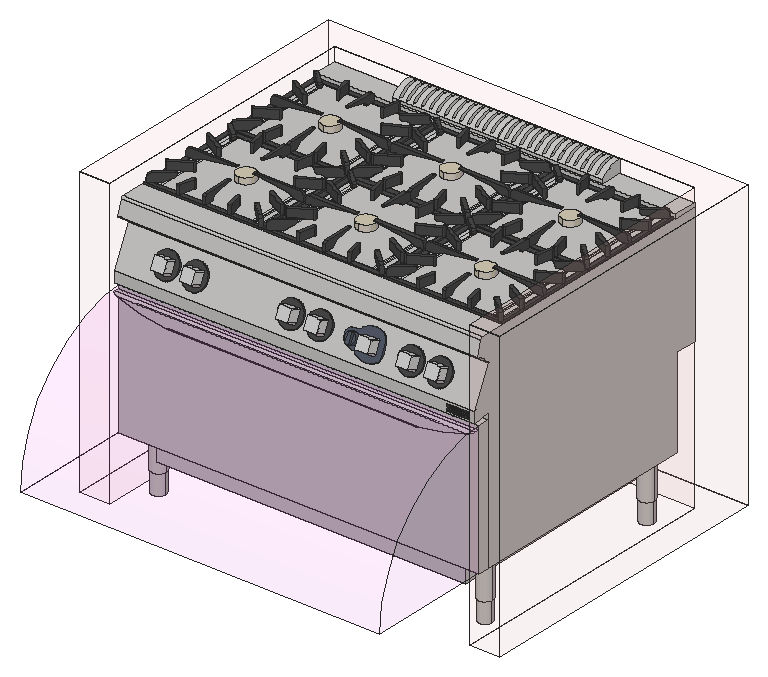
Revit family "QF_ZANUSSI_392037_Z9GCGL6CL0", category Attrezzature speciali, Revit 2020
Family settings
  Quota connettore circolare = Usa diametro
  Tipo di parte = Normale
  Basato su piano di lavoro = No
  Sempre verticale = Sì
  Taglio con vuoti quando caricato = No
  Condiviso = No
  Punto di calcolo locali = No
Parameters (values of type "Standard")
  Weight = 200.00 kg
  Watts = 0 W
  Volts = 0 V
  URL Manufacturer = "http://www.zanussiprofessional.com"
  URL = "http://www.zanussiprofessional.com"
  Steam Supply Size = 0 mm
  Steam Supply Minimum Pressure = 0.0 Pa
  Steam Supply Maximum Pressure = 0.0 Pa
  Steam Consumption per Hour = 0
  Show Logo [instance] = yes
  Show Clearance [instance] = yes
  Refrigeration Suction Line Size = 0 mm
  Refrigeration Liquid Line Size = 0 mm
  Refrigerant Compressor Remote = yes
  Prospetto di default = 0 mm
  Produttore = "Zanussi"
  Phase = 0
  Modello = "Z9GCGL6CL0"
  Length Actual = 1200 mm  # constant formula
  Item Number = "392037"
  Hot Water Size = 0 mm
  Height Actual = 850 mm  # constant formula
  HP = "0 HP"
  Gas Size = 12.7 mm
  Gas KW = 56
  Gas Input Pressure = 0.427354 W
  Direct Waste Size = 0 mm
  Descrizione = "6-BURN(CASTIRON)GAS RANGE+LARGE OVEN1200"
  Depth Actual = 900 mm  # constant formula
  Cycle = 0 Hz
  Condensate Return Size = 0 mm
  Compressed Air Volume = 0.0 L/s
  Compressed Air Size = 0 mm
  Compressed Air Pressure = 0.0 Pa
  Cold Water Size = 0 mm
  Accessory = yes
Reference planes
  plane 1 "Back": y = 0
  plane 2: z = 0
  plane 3 "Left": x = 0
  plane 4: y = -716.25
  plane 5: x = 1200
  plane 6: z = 850
  plane 7: y = -340.304
  plane 8: y = -680.608
  plane 9: x = 600
  plane 10: x = 1300
  plane 11: x = -100
  plane 12: y = 100
  plane 13: z = 149
  plane 14: y = -128
  plane 15: y = -802
Forms (mm)
  Extrusion 1, solid, material "QF_Finishes_Clearance", visible <- "Show Clearance"
    sketch origin (0, 0, 0) x (1, 0, 0) y (0, 1, 0)
      loop
        line (-100, -934.208) -> (0, -934.208) -> (0, 0) -> (1200, 0) -> (1200, -934.208) -> (1300, -934.208) -> (1300, 100) -> (-100, 100) -> (-100, -934.208)
    from 0 to 958.9
  Extrusion 2, solid, material "QF_Finishes_Stainless Steel"
    sketch origin (0, 50, 661.213) x (0, 1, 0) y (0, 0, 1)
      loop
        line (-50, 238.788) -> (-50, 253.075) -> (-126.2, 253.075) -> (-126.2, 238.788) -> (-50, 238.788)
    from 0 to 1200
  Revolve 3, solid, material "QF_Finishes_Door Clearance", visible <- "Show Clearance"
    sketch origin (0, -865, 50) x (1, 0, 0) y (0, 0, 1)
      loop
        line (0, 593.184) -> (0, 149) -> (1200, 149) -> (1200, 593.184) -> (0, 593.184)
      axis (1200, 149) -> (0, 149)
    angle from 0 to -90
  Extrusion 4, solid, material "QF_Finishes_Stainless Steel"
    sketch origin (0, 0, 50) x (0, 1, 0) y (0, 0, 1)
      loop
        line (-128, 149) -> (-848, 149) -> (-848, 69) -> (-128, 69) -> (-128, 149)
    from 84.604 to 1114.933
  Extrusion 5, solid, material "QF_Finishes_Stainless Steel"
    sketch origin (-305.042, -202, 191.278) x (-1, 0, 0) y (0, -1, 0)
      loop
        circle (-1452.042, 464) r 6.35
    from -1.278 to 7.722
Dimensions and locks
  plane 1 "Back" to plane 4 = 716.25 mm  (x2)
  plane 3 "Left" to plane 5 = 1200 mm
  equal spacing: plane 3 "Left", plane 9, plane 5
  plane 1 "Back" to plane 12 = 100 mm
  plane 5 to plane 10 = 100 mm
  plane 11 to plane 3 "Left" = 100 mm
  plane 13 to level = 149 mm
  Extrusion 1 to plane 14 to plane 15 = 128 mm, 674 mm
  aligned and locked: level to plane 2
Automatic sketch dimensions
  Extrusion 1 sketch curve to plane 11 = 0 mm
  Extrusion 1 sketch curve to plane 3 "Left" = 0 mm
  plane 1 "Back" to Extrusion 1 sketch curve = 0 mm
  Extrusion 1 sketch curve to plane 5 = 0 mm
  Extrusion 1 sketch curve to plane 10 = 0 mm
  Extrusion 1 sketch curve to plane 12 = 0 mm
  Extrusion 1 sketch curve to plane 15 = 132.208 mm  (x2)
  Extrusion 2 sketch curve to plane 1 "Back" = 0 mm
  plane 14 to Extrusion 2 sketch curve = 51.8 mm
  Extrusion 2 sketch curve to plane 6 = 50 mm
  Extrusion 2 sketch curve to Extrusion 2 sketch curve = 14.288 mm
  Revolve 3 sketch curve to plane 3 "Left" = 0 mm
  plane 9 to Revolve 3 sketch curve = 0 mm
  plane 5 to Revolve 3 sketch curve = 0 mm
  Revolve 3 sketch curve to plane 13 = 50 mm  (x2)
  plane 6 to Revolve 3 sketch curve = 206.816 mm
  plane 11 to Revolve 3 sketch curve = 120 mm
  Extrusion 4 sketch curve to plane 14 = 0 mm
  Extrusion 4 sketch curve to plane 15 = 46 mm
  plane 13 to Extrusion 4 sketch curve = 30 mm
  Extrusion 4 sketch curve to plane 13 = 50 mm
  plane 8 to Extrusion 5 sketch curve = 14.608 mm
  plane 5 to Extrusion 5 sketch curve = 53 mm
  radius of Extrusion 5 sketch curve = 6.35 mm
Nested families
  nested 1: "Uscita_Fumi_350" at (775, -34.925, 914.288), type "Uscita_Fumi_350"
  nested 2: "Uscita_Fumi_350" at (425, -34.925, 914.288) x (-1, 0, 0) z (0, 0, 1), type "Uscita_Fumi_350"
  nested 3: "ZANUSSI_BURNER" at (2.5, -443.125, 50), type "ZANUSSI_BURNER"
    with Status "", Specification by User "", Revision Code "", Item Number "", Installed By "", Identify Quantity as Lot yes, Furnished By "", Foodservice Equipment Identifier yes
  nested 4: "ZANUSSI_BURNER" at (2.5, -439.983, 50), type "ZANUSSI_BURNER"
    with Status "", Specification by User "", Revision Code "", Item Number "", Installed By "", Identify Quantity as Lot yes, Furnished By "", Foodservice Equipment Identifier yes
  nested 5: "ZANUSSI_BURNER" at (797.4, -443.125, 50) x (-1, 0, 0) z (0, 0, 1), type "ZANUSSI_BURNER"
    with Status "", Specification by User "", Revision Code "", Item Number "", Installed By "", Identify Quantity as Lot yes, Furnished By "", Foodservice Equipment Identifier yes
  nested 6: "ZANUSSI_BURNER" at (797.4, -439.983, 50) x (-1, 0, 0) z (0, 0, 1), type "ZANUSSI_BURNER"
    with Status "", Specification by User "", Revision Code "", Item Number "", Installed By "", Identify Quantity as Lot yes, Furnished By "", Foodservice Equipment Identifier yes
  nested 7: "ZANUSSI_BURNER" at (802.4, -443.125, 50), type "ZANUSSI_BURNER"
    with Status "", Specification by User "", Revision Code "", Item Number "", Installed By "", Identify Quantity as Lot yes, Furnished By "", Foodservice Equipment Identifier yes
  nested 8: "ZANUSSI_BURNER" at (802.4, -439.983, 50), type "ZANUSSI_BURNER"
    with Status "", Specification by User "", Revision Code "", Item Number "", Installed By "", Identify Quantity as Lot yes, Furnished By "", Foodservice Equipment Identifier yes
  nested 9: "CONTROLLER_XP-ZAN" at (1113, -887.374, 748.654) x (1, 0, 0) z (0, -0.8956, 0.4448), type "CONTROLLER_XP-ZAN"
  nested 10: "CONTROLLER_XP-ZAN" at (1018, -887.374, 748.654) x (1, 0, 0) z (0, -0.8956, 0.4448), type "CONTROLLER_XP-ZAN"
  nested 11: "CONTROLLER_XP-ZAN" at (713, -887.374, 748.654) x (1, 0, 0) z (0, -0.8956, 0.4448), type "CONTROLLER_XP-ZAN"
  nested 12: "CONTROLLER_XP-ZAN" at (618, -887.374, 748.654) x (1, 0, 0) z (0, -0.8956, 0.4448), type "CONTROLLER_XP-ZAN"
  nested 13: "CONTROLLER_DOPPIO_ZAN" at (806.481, -887.374, 748.654) x (1, 0, 0) z (0, -0.8956, 0.4448), type "CONTROLLER_DOPPIO_ZAN"
  nested 14: "CONTROLLER_XP-ZAN" at (298, -887.374, 748.654) x (1, 0, 0) z (0, -0.8956, 0.4448), type "CONTROLLER_XP-ZAN"
  nested 15: "CONTROLLER_XP-ZAN" at (203, -887.374, 748.654) x (1, 0, 0) z (0, -0.8956, 0.4448), type "CONTROLLER_XP-ZAN"
  nested 16: "ZANUSSI_Logo" at (1149.92, -916.25, 722.184) x (1, 0, 0) z (0, -1, 0), Show Logo <- "Show Logo", visible <- "Show Logo", type "ZANUSSI_Logo"
    with Show Logo yes
  nested 17: "E700_width120x900" at (600, -340.304, 50), type "E700_width120x900"
  nested 18: "MANIGLIA_SLIM_ZANUSSI_1200Width" at (600.55, -900, 611.5) x (1, 0, 0) z (0, -1, 0), type "MANIGLIA_SLIM_ZANUSSI_1200Width"
  nested 19: "Piedino 50xH200_par" at (56, -802, 0), type "Piedino 50xH200_par"
    with H 200 mm
  nested 20: "Piedino 50xH200_par" at (56, -128, 0), type "Piedino 50xH200_par"
    with H 200 mm
  nested 21: "Piedino 50xH200_par" at (1144, -128, 0), type "Piedino 50xH200_par"
    with H 200 mm
  nested 22: "Piedino 50xH200_par" at (1144, -802, 0), type "Piedino 50xH200_par"
    with H 200 mm
Connectors
  piping at (1147, -666, 190), diameter 12.7, driven by "Gas Size"
    settings: on Extrusion 5, index 13, connector inside diameter 12.8 mm, connector length 0 mm, flow factor 0, pipe flow 0.0 L/s, pressure drop 0.0 Pa, fitting loss kfactor 0, connector angle 0.00°, fixture units 0, engagement length 0 mm, angle of deflection 0.00°, flow configuration 1, flow direction 1, fitting loss method 0, system type 29, joint type 0, gender type 0, connector reference index -1, connector utility 0, adjustable connector no, is connector primary yes, connector description "Gas Connection"
Definition of nested family "Uscita_Fumi_350"
  Parameters (values of type "Uscita_Fumi_350")
    Default Elevation = 1219.2 mm
  Reference planes
    plane 1 "Centro (Fronte/Retro)": y = 0
    plane 2: z = 0
    plane 3 "Centro (Sinistra/Destra)": x = 0
  Forms (mm)
    Extrusion 1, solid
      sketch origin (0, 0, 0) x (1, 0, 0) y (0, 1, 0)
        loop
          line (-1219.2, 1219.2) -> (-1219.2, -1219.2) -> (1219.2, -1219.2) -> (1219.2, 1219.2) -> (-1219.2, 1219.2)
      from 0 to -304.8
    Extrusion 2, solid
      sketch origin (-225, 34.925, -289.638) x (0, 1, 0) y (0, 0, 1)
        loop
          line (0, 289.638) -> (0, 331.738)
          arc (0, 331.738) -> (-38.857, 324.552) -> (-69.85, 300.038) r 82.056
          line (-69.85, 300.038) -> (-69.85, 289.638) -> (0, 289.638)
      from 50 to 400
    Extrusion 3, void
      sketch origin (-262.5, 34.925, -15) x (0, -1, 0) y (1, 0, 0)
        loop
          line (63.911, 115.464) -> (6.761, 115.464) -> (6.761, 106.168) -> (63.911, 106.168) -> (63.911, 115.464)
        loop
          line (63.911, 140.952) -> (6.761, 140.952) -> (6.761, 131.656) -> (63.911, 131.656) -> (63.911, 140.952)
        loop
          line (63.911, 166.44) -> (6.761, 166.44) -> (6.761, 157.145) -> (63.911, 157.145) -> (63.911, 166.44)
        loop
          line (63.911, 191.929) -> (6.761, 191.929) -> (6.761, 182.633) -> (63.911, 182.633) -> (63.911, 191.929)
        loop
          line (63.911, 217.417) -> (6.761, 217.417) -> (6.761, 208.121) -> (63.911, 208.121) -> (63.911, 217.417)
        loop
          line (63.911, 242.905) -> (6.761, 242.905) -> (6.761, 233.61) -> (63.911, 233.61) -> (63.911, 242.905)
        loop
          line (63.911, 268.394) -> (6.761, 268.394) -> (6.761, 259.098) -> (63.911, 259.098) -> (63.911, 268.394)
        loop
          line (63.911, 293.882) -> (6.761, 293.882) -> (6.761, 284.586) -> (63.911, 284.586) -> (63.911, 293.882)
        loop
          line (63.911, 319.37) -> (6.761, 319.37) -> (6.761, 310.075) -> (63.911, 310.075) -> (63.911, 319.37)
        loop
          line (63.911, 344.859) -> (6.761, 344.859) -> (6.761, 335.563) -> (63.911, 335.563) -> (63.911, 344.859)
        loop
          line (63.911, 370.347) -> (6.761, 370.347) -> (6.761, 361.051) -> (63.911, 361.051) -> (63.911, 370.347)
        loop
          line (63.911, 393.394) -> (6.761, 393.394) -> (6.761, 384.098) -> (63.911, 384.098) -> (63.911, 393.394)
        loop
          line (63.911, 418.882) -> (6.761, 418.882) -> (6.761, 409.586) -> (63.911, 409.586) -> (63.911, 418.882)
      from 25.4 to 63.5
  Cuts and joins
    Extrusion 3 cuts Extrusion 2
  Dimensions and locks
    cut or joined group of Extrusion 2, Extrusion 3 to cut or joined group of Extrusion 2, Extrusion 3 = 350 mm
    aligned and locked: plane 2 to Extrusion 1
    aligned and locked: level to Extrusion 1
Definition of nested family "ZANUSSI_BURNER"
  Parameters (values of type "ZANUSSI_BURNER")
    Weight in Pounds = 0
    URL Cutsheet = ""
    URL = "www.electrolux.com"
    Type Mark [instance] = ""
    Status [instance] = ""
    Specification by User [instance] = ""
    Specification by Manufacturer = ""
    Show Clearance [instance] = yes
    Serial Number = ""
    Seismic Rating = ""
    SMACNA No = ""
    Revision Code [instance] = ""
    Default Elevation = 0 mm
    Omniclass Number and Title = ""
    NAFEM Spec ID Number = ""
    Model = "392010"
    Masterspec = ""
    Manufacturer = "ELECTROLUX"
    Item Number [instance] = ""
    Installed By [instance] = ""
    Identify Quantity as Lot [instance] = yes
    Furnished By [instance] = ""
    Foodservice Equipment Identifier [instance] = yes
    Description = ""
    CSI MasterFormat = ""
    CSI Master Format = ""
  Reference planes
    plane 1 "BACK": y = 0
    plane 2: z = 0
    plane 3 "LEFT": x = 0
    plane 4 "RIGHT": x = 393.7
    plane 5 "FRONT": y = -355.6
    plane 6 "TOP": z = 908.85
    plane 7 "Center Y": x = 196.85
    plane 8 "Center X": y = -177.8
    plane 9 "Base": z = 150
    plane 10: z = 850.85
  Forms (mm)
    Extrusion 1, solid
      sketch origin (-6.433, -404.961, 5) x (1, 0, 0) y (0, 0, -1)
        loop
          arc (7.142, -850.85) -> (6.739, -862.989) -> (9.761, -874.752) r 42.809
          line (9.761, -874.752) -> (19.961, -879.425) -> (173.122, -879.425)
          arc (173.122, -879.425) -> (174.316, -878.312) -> (173.289, -877.043) r 1.197
          line (173.289, -877.043) -> (64.848, -864.021)
          arc (64.848, -864.021) -> (50.111, -858.738) -> (36.589, -850.85) r 85.245
          line (36.589, -850.85) -> (7.142, -850.85)
        loop
          line (399.424, -850.85) -> (369.977, -850.85)
          arc (369.977, -850.85) -> (356.455, -858.738) -> (341.718, -864.021) r 85.245
          line (341.718, -864.021) -> (233.277, -877.043)
          arc (233.277, -877.043) -> (232.25, -878.312) -> (233.444, -879.425) r 1.197
          line (233.444, -879.425) -> (386.605, -879.425) -> (396.806, -874.752)
          arc (396.806, -874.752) -> (399.827, -862.989) -> (399.424, -850.85) r 42.809
      from 224.564 to 234.564
    Extrusion 2, solid
      sketch origin (196.85, 175.397, 1219.2) x (0, 1, 0) y (0, 0, 1)
        loop
          line (-204.463, -363.35) -> (-175.397, -363.35) -> (-175.397, -339.506)
          arc (-175.397, -339.506) -> (-181.025, -338.266) -> (-185.611, -334.775) r 13.39
          line (-185.611, -334.775) -> (-278.903, -334.775)
          arc (-278.903, -334.775) -> (-280.097, -335.888) -> (-279.07, -337.157) r 1.197
          line (-279.07, -337.157) -> (-227.151, -347.464)
          arc (-227.151, -347.464) -> (-213.741, -352.457) -> (-204.463, -363.35) r 28.426
        loop
          arc (-496.332, -363.35) -> (-487.053, -352.457) -> (-473.644, -347.464) r 28.426
          line (-473.644, -347.464) -> (-421.725, -337.157)
          arc (-421.725, -337.157) -> (-420.697, -335.888) -> (-421.891, -334.775) r 1.197
          line (-421.891, -334.775) -> (-515.184, -334.775)
          arc (-515.184, -334.775) -> (-519.769, -338.266) -> (-525.397, -339.506) r 13.39
          line (-525.397, -339.506) -> (-525.397, -363.35) -> (-496.332, -363.35)
      from -5 to 5
    Extrusion 3, solid
      sketch origin (-6.433, 367.064, 850.85) x (0, -1, 0) y (1, 0, 0)
        loop
          line (722.664, 6.433) -> (722.664, 400.133) -> (367.064, 400.133) -> (367.064, 6.433) -> (722.664, 6.433)
        loop
          line (382.064, 21.433) -> (707.664, 21.433) -> (707.664, 385.133) -> (382.064, 385.133) -> (382.064, 21.433)
      from 0 to 5
    Extrusion 4, solid
      sketch origin (-18.933, 367.064, 855.85) x (0, -1, 0) y (1, 0, 0)
        loop
          circle (541.667, 215.783) r 30
      from -1.321 to 17.134
    Extrusion 5, solid
      sketch origin (-6.433, -367.064, 0) x (1, 0, 0) y (0, 0, -1)
        loop
          line (21.433, -855.85) -> (36.589, -855.85)
          arc (36.589, -855.85) -> (40.561, -855.243) -> (44.305, -853.783) r 18.259
          arc (44.305, -853.783) -> (45.997, -853.366) -> (47.69, -853.783) r 3.649
          arc (47.69, -853.783) -> (49.901, -854.522) -> (52.232, -854.529) r 7.328
          line (52.232, -854.529) -> (354.334, -854.529)
          arc (354.334, -854.529) -> (356.666, -854.522) -> (358.877, -853.783) r 7.328
          arc (358.877, -853.783) -> (360.569, -853.366) -> (362.261, -853.783) r 3.649
          arc (362.261, -853.783) -> (366.005, -855.243) -> (369.977, -855.85) r 18.259
          line (369.977, -855.85) -> (385.133, -855.85) -> (385.133, -850.85) -> (21.433, -850.85) -> (21.433, -855.85)
      from 26.464 to 352.064
    Extrusion 6, solid
      sketch origin (83.284, -458.334, 5) x (0.742103, 0.670286, 0) y (0, 0, -1)
        loop
          arc (88.629, -864.012) -> (73.909, -858.731) -> (60.402, -850.85) r 85.245
          line (60.402, -850.85) -> (14.993, -850.85)
          arc (14.993, -850.85) -> (14.642, -862.948) -> (17.686, -874.663) r 42.876
          line (17.686, -874.663) -> (27.899, -879.425) -> (89.664, -879.425)
          arc (89.664, -879.425) -> (92.39, -878.352) -> (93.654, -875.709) r 4
          arc (93.654, -875.709) -> (92.562, -869.25) -> (88.629, -864.012) r 13.87
        loop
          arc (457.638, -864.012) -> (453.704, -869.25) -> (452.613, -875.709) r 13.87
          arc (452.613, -875.709) -> (453.876, -878.352) -> (456.603, -879.425) r 4
          line (456.603, -879.425) -> (518.367, -879.425) -> (528.581, -874.663)
          arc (528.581, -874.663) -> (531.624, -862.948) -> (531.273, -850.85) r 42.876
          line (531.273, -850.85) -> (485.865, -850.85)
          arc (485.865, -850.85) -> (472.357, -858.731) -> (457.638, -864.012) r 85.245
      from 127.064 to 137.064
    Extrusion 7, solid
      sketch origin (310.416, -458.334, 5) x (-0.742103, 0.670286, 0) y (0, 0, 1)
        loop
          arc (88.629, 864.012) -> (92.562, 869.25) -> (93.654, 875.709) r 13.87
          arc (93.654, 875.709) -> (92.39, 878.352) -> (89.664, 879.425) r 4
          line (89.664, 879.425) -> (27.899, 879.425) -> (17.686, 874.663)
          arc (17.686, 874.663) -> (14.642, 862.948) -> (14.993, 850.85) r 42.876
          line (14.993, 850.85) -> (60.402, 850.85)
          arc (60.402, 850.85) -> (73.909, 858.731) -> (88.629, 864.012) r 85.245
        loop
          arc (457.638, 864.012) -> (472.357, 858.731) -> (485.865, 850.85) r 85.245
          line (485.865, 850.85) -> (531.273, 850.85)
          arc (531.273, 850.85) -> (531.624, 862.948) -> (528.581, 874.663) r 42.876
          line (528.581, 874.663) -> (518.367, 879.425) -> (456.603, 879.425)
          arc (456.603, 879.425) -> (453.876, 878.352) -> (452.613, 875.709) r 4
          arc (452.613, 875.709) -> (453.704, 869.25) -> (457.638, 864.012) r 13.87
      from 127.064 to 137.064
    Extrusion 8, solid
      sketch origin (-6.433, 367.064, 855.85) x (0, -1, 0) y (1, 0, 0)
        loop
          arc (626.166, 9.428) -> (632.956, 7.454) -> (634.93, 14.244) r 5
          line (634.93, 14.244) -> (600.514, 76.878)
          arc (600.514, 76.878) -> (593.724, 78.852) -> (591.75, 72.062) r 5
          line (591.75, 72.062) -> (626.166, 9.428)
        loop
          line (463.562, 9.428) -> (497.977, 72.062)
          arc (497.977, 72.062) -> (496.003, 78.852) -> (489.213, 76.878) r 5
          line (489.213, 76.878) -> (454.798, 14.244)
          arc (454.798, 14.244) -> (456.772, 7.454) -> (463.562, 9.428) r 5
        loop
          line (626.166, 397.138) -> (591.75, 334.504)
          arc (591.75, 334.504) -> (593.724, 327.714) -> (600.514, 329.689) r 5
          line (600.514, 329.689) -> (634.93, 392.323)
          arc (634.93, 392.323) -> (632.956, 399.113) -> (626.166, 397.138) r 5
        loop
          arc (463.562, 397.138) -> (456.772, 399.113) -> (454.798, 392.323) r 5
          line (454.798, 392.323) -> (489.213, 329.689)
          arc (489.213, 329.689) -> (496.003, 327.714) -> (497.977, 334.504) r 5
          line (497.977, 334.504) -> (463.562, 397.138)
        loop
          line (715.14, 293.499) -> (666.703, 282.317)
          arc (666.703, 282.317) -> (662.956, 276.32) -> (668.953, 272.573) r 5
          line (668.953, 272.573) -> (717.389, 283.756)
          arc (717.389, 283.756) -> (721.136, 289.752) -> (715.14, 293.499) r 5
        loop
          arc (715.14, 113.067) -> (721.136, 116.814) -> (717.389, 122.811) r 5
          line (717.389, 122.811) -> (668.953, 133.993)
          arc (668.953, 133.993) -> (662.956, 130.246) -> (666.703, 124.249) r 5
          line (666.703, 124.249) -> (715.14, 113.067)
        loop
          arc (374.588, 293.499) -> (368.591, 289.752) -> (372.338, 283.756) r 5
          line (372.338, 283.756) -> (420.775, 272.573)
          arc (420.775, 272.573) -> (426.771, 276.32) -> (423.024, 282.317) r 5
          line (423.024, 282.317) -> (374.588, 293.499)
        loop
          line (374.588, 113.067) -> (423.024, 124.249)
          arc (423.024, 124.249) -> (426.771, 130.246) -> (420.775, 133.993) r 5
          line (420.775, 133.993) -> (372.338, 122.811)
          arc (372.338, 122.811) -> (368.591, 116.814) -> (374.588, 113.067) r 5
      from 0 to 28.575
  Lines and regions (mm)
    symbolic lines
      curve 1: line (157.475, -170.397, 150) -> (157.475, -15, 150)
      curve 2: line (236.225, -170.397, 150) -> (236.225, -15, 150)
      curve 3: arc (158.678, -180.397, 0) -> (170.734, -200.207, 0) -> (191.85, -209.795, 0) r 39.375
      curve 4: line (163.825, -170.397, 150) -> (163.825, -15, 150)
      curve 5: line (229.875, -170.397, 150) -> (229.875, -15, 150)
      curve 6: line (144.775, -170.397, 150) -> (144.775, -15, 150)
      curve 7: line (248.925, -170.397, 150) -> (248.925, -15, 150)
      curve 8: arc (145.678, -180.397, 0) -> (161.728, -209.187, 0) -> (191.85, -222.573, 0) r 52.075
      curve 9: arc (201.85, -209.795, 0) -> (222.966, -200.207, 0) -> (235.022, -180.397, 0) r 39.375
      curve 10: arc (201.85, -222.573, 0) -> (231.931, -209.224, 0) -> (248.001, -180.504, 0) r 52.075
  Dimensions and locks
    equal spacing: plane 3 "LEFT", plane 7 "Center Y", plane 4 "RIGHT"
    plane 3 "LEFT" to plane 4 "RIGHT" = 393.7 mm
    equal spacing: plane 5 "FRONT", plane 8 "Center X", plane 1 "BACK"
    plane 5 "FRONT" to plane 1 "BACK" = 355.6 mm
    plane 6 "TOP" to level = 908.85 mm
    plane 9 "Base" to level = 150 mm
    plane 6 "TOP" to plane 10 = 58 mm  (x2)
    locked: Extrusion 4 sketch curve to plane 7 "Center Y" at 0
    aligned and locked: level to plane 2
  Automatic sketch dimensions
    plane 1 "BACK" to curve 7 = 15 mm
    plane 7 "Center Y" to curve 7 = 52.075 mm
    curve 7 to curve 2 = 12.7 mm
    curve 2 to curve 5 = 6.35 mm
    curve 4 to curve 1 = 6.35 mm
    plane 8 "Center X" to curve 6 = 7.403 mm
    curve 1 to curve 6 = 12.7 mm
    plane 3 "LEFT" to Extrusion 1 sketch curve = 0.709 mm
    plane 3 "LEFT" to Extrusion 1 sketch curve = 3.327 mm
    Extrusion 1 sketch curve to Extrusion 1 sketch curve = 10.201 mm
    plane 10 to Extrusion 1 sketch curve = 5 mm  (x2)
    Extrusion 1 sketch curve to Extrusion 1 sketch curve = 29.447 mm
    Extrusion 1 sketch curve to Extrusion 1 sketch curve = 12.704 mm  (x2)
    Extrusion 1 sketch curve to Extrusion 1 sketch curve = 15.555 mm  (x2)
    plane 3 "LEFT" to Extrusion 1 sketch curve = 79.689 mm
    Extrusion 1 sketch curve to plane 7 "Center Y" = 30.161 mm
    Extrusion 1 sketch curve to Extrusion 1 sketch curve = 0.167 mm  (x2)
    plane 7 "Center Y" to Extrusion 1 sketch curve = 29.994 mm
    Extrusion 1 sketch curve to plane 4 "RIGHT" = 79.689 mm
    plane 10 to Extrusion 1 sketch curve = 18.171 mm
    Extrusion 1 sketch curve to plane 4 "RIGHT" = 58.415 mm
    Extrusion 1 sketch curve to plane 4 "RIGHT" = 13.528 mm
    Extrusion 1 sketch curve to plane 4 "RIGHT" = 3.327 mm
    Extrusion 1 sketch curve to plane 4 "RIGHT" = 0.709 mm
    Extrusion 1 sketch curve to Extrusion 1 sketch curve = 23.902 mm  (x2)
    Extrusion 1 sketch curve to plane 6 "TOP" = 26.807 mm  (x2)
    Extrusion 1 sketch curve to Extrusion 1 sketch curve = 1.185 mm  (x2)
    Extrusion 1 sketch curve to Extrusion 1 sketch curve = 5.694 mm
    Extrusion 2 sketch curve to plane 1 "BACK" = 0 mm
    plane 1 "BACK" to Extrusion 2 sketch curve = 10.213 mm
    plane 10 to Extrusion 2 sketch curve = 5 mm  (x2)
    plane 1 "BACK" to Extrusion 2 sketch curve = 29.066 mm
    plane 10 to Extrusion 2 sketch curve = 20.886 mm
    Extrusion 2 sketch curve to Extrusion 2 sketch curve = 22.688 mm  (x2)
    Extrusion 2 sketch curve to plane 10 = 7.392 mm  (x2)
    Extrusion 2 sketch curve to plane 6 "TOP" = 24.425 mm
    Extrusion 2 sketch curve to Extrusion 2 sketch curve = 51.752 mm
    Extrusion 2 sketch curve to plane 6 "TOP" = 26.807 mm  (x2)
    Extrusion 2 sketch curve to Extrusion 2 sketch curve = 0.167 mm  (x2)
    Extrusion 2 sketch curve to plane 8 "Center X" = 68.528 mm
    Extrusion 2 sketch curve to plane 5 "FRONT" = 60.248 mm
    Extrusion 2 sketch curve to Extrusion 2 sketch curve = 2.895 mm
    Extrusion 2 sketch curve to plane 5 "FRONT" = 15.813 mm
    Extrusion 2 sketch curve to plane 5 "FRONT" = 5.6 mm
    Extrusion 2 sketch curve to Extrusion 2 sketch curve = 4.731 mm
    Extrusion 2 sketch curve to Extrusion 2 sketch curve = 23.844 mm
    Extrusion 2 sketch curve to Extrusion 2 sketch curve = 1.185 mm
    plane 1 "BACK" to Extrusion 3 sketch curve = 0 mm
    Extrusion 3 sketch curve to plane 3 "LEFT" = 0 mm
    plane 5 "FRONT" to Extrusion 3 sketch curve = 0 mm
    Extrusion 3 sketch curve to plane 4 "RIGHT" = 0 mm
    plane 1 "BACK" to Extrusion 3 sketch curve = 15 mm
    Extrusion 3 sketch curve to plane 5 "FRONT" = 15 mm
    plane 3 "LEFT" to Extrusion 3 sketch curve = 15 mm
    Extrusion 3 sketch curve to plane 4 "RIGHT" = 15 mm
    Extrusion 3 to Extrusion 4 sketch curve = 159.603 mm
    Extrusion 5 sketch curve to plane 10 = 0 mm
    plane 3 "LEFT" to Extrusion 5 sketch curve = 15 mm
    Extrusion 5 sketch curve to Extrusion 5 sketch curve = 14.402 mm
    plane 10 to Extrusion 5 sketch curve = 5 mm
    Extrusion 5 sketch curve to Extrusion 5 sketch curve = 15.156 mm
    plane 10 to Extrusion 5 sketch curve = 2.933 mm  (x3)
    Extrusion 5 sketch curve to Extrusion 5 sketch curve = 7.716 mm  (x2)
    Extrusion 5 sketch curve to Extrusion 5 sketch curve = 0 mm  (x3)
    Extrusion 5 sketch curve to Extrusion 5 sketch curve = 1.692 mm  (x2)
    Extrusion 5 sketch curve to Extrusion 5 sketch curve = 3.385 mm  (x2)
    Extrusion 5 sketch curve to plane 10 = 3.559 mm  (x2)
    plane 10 to Extrusion 5 sketch curve = 3.679 mm
    Extrusion 5 sketch curve to plane 4 "RIGHT" = 45.799 mm
    Extrusion 5 sketch curve to Extrusion 5 sketch curve = 1.143 mm
    Extrusion 5 sketch curve to plane 10 = 13.244 mm
    Extrusion 5 sketch curve to plane 4 "RIGHT" = 15 mm
    plane 10 to Extrusion 6 sketch curve = 5 mm  (x2)
    Extrusion 6 sketch curve to Extrusion 6 sketch curve = 2.692 mm  (x2)
    Extrusion 6 sketch curve to Extrusion 6 sketch curve = 10.213 mm  (x2)
    plane 10 to Extrusion 6 sketch curve = 12.281 mm
    Extrusion 6 sketch curve to Extrusion 6 sketch curve = 29.348 mm  (x2)
    Extrusion 6 sketch curve to Extrusion 6 sketch curve = 3.155 mm  (x2)
    Extrusion 6 sketch curve to Extrusion 6 sketch curve = 22.572 mm
    Extrusion 6 sketch curve to Extrusion 6 sketch curve = 8.81 mm
    Extrusion 6 sketch curve to Extrusion 6 sketch curve = 9.845 mm  (x2)
    Extrusion 6 sketch curve to Extrusion 6 sketch curve = 3.99 mm  (x2)
    Extrusion 6 sketch curve to Extrusion 6 sketch curve = 0 mm  (x2)
    Extrusion 6 sketch curve to Extrusion 6 sketch curve = 49.533 mm
    Extrusion 6 sketch curve to plane 10 = 64.377 mm
    Extrusion 6 sketch curve to Extrusion 6 sketch curve = 326.397 mm
    Extrusion 6 sketch curve to plane 6 "TOP" = 28.141 mm
    Extrusion 6 sketch curve to Extrusion 6 sketch curve = 16.281 mm
    Extrusion 6 sketch curve to Extrusion 6 sketch curve = 1.035 mm
    Extrusion 6 sketch curve to Extrusion 6 sketch curve = 19.417 mm
    Extrusion 6 sketch curve to Extrusion 6 sketch curve = 4.763 mm  (x2)
    Extrusion 6 sketch curve to Extrusion 6 sketch curve = 3.716 mm
    plane 10 to Extrusion 7 sketch curve = 5 mm  (x2)
    Extrusion 7 sketch curve to Extrusion 7 sketch curve = 2.692 mm  (x2)
    Extrusion 7 sketch curve to Extrusion 7 sketch curve = 10.213 mm  (x2)
    plane 10 to Extrusion 7 sketch curve = 12.281 mm
    Extrusion 7 sketch curve to Extrusion 7 sketch curve = 29.348 mm  (x2)
    Extrusion 7 sketch curve to Extrusion 7 sketch curve = 3.155 mm  (x2)
    Extrusion 7 sketch curve to Extrusion 7 sketch curve = 22.572 mm
    Extrusion 7 sketch curve to Extrusion 7 sketch curve = 8.81 mm
    Extrusion 7 sketch curve to Extrusion 7 sketch curve = 9.845 mm  (x2)
    Extrusion 7 sketch curve to Extrusion 7 sketch curve = 3.99 mm  (x2)
    Extrusion 7 sketch curve to Extrusion 7 sketch curve = 0 mm  (x2)
    Extrusion 7 sketch curve to Extrusion 7 sketch curve = 21.306 mm
    Extrusion 7 sketch curve to plane 10 = 64.377 mm  (x2)
    Extrusion 7 sketch curve to Extrusion 7 sketch curve = 326.397 mm
    Extrusion 7 sketch curve to plane 6 "TOP" = 28.141 mm
    Extrusion 7 sketch curve to Extrusion 7 sketch curve = 16.281 mm
    Extrusion 7 sketch curve to Extrusion 7 sketch curve = 1.035 mm
    Extrusion 7 sketch curve to Extrusion 7 sketch curve = 19.417 mm
    Extrusion 7 sketch curve to Extrusion 7 sketch curve = 7.281 mm
    Extrusion 7 sketch curve to Extrusion 7 sketch curve = 10.713 mm
    curve 3 to curve 8 = 0 mm  (x2)
    curve 3 to curve 9 = 0 mm  (x2)
    curve 3 to curve 10 = 0 mm  (x2)
    curve 3 to plane 7 "Center Y" = 0 mm
    curve 8 to plane 8 "Center X" = 2.597 mm
    curve 8 to plane 7 "Center Y" = 51.172 mm
    curve 3 to plane 8 "Center X" = 2.597 mm
    curve 8 to curve 3 = 12.999 mm
    curve 3 to plane 7 "Center Y" = 5 mm
    curve 8 to plane 7 "Center Y" = 5 mm
    plane 7 "Center Y" to curve 10 = 5 mm
    curve 9 to plane 8 "Center X" = 2.597 mm
    plane 7 "Center Y" to curve 9 = 38.172 mm
    curve 10 to plane 8 "Center X" = 2.704 mm
    curve 9 to curve 10 = 12.979 mm
    curve 10 to plane 8 "Center X" = 44.773 mm
    Extrusion 8 sketch curve to Extrusion 3 = 5.275 mm  (x2)
    Extrusion 8 sketch curve to Extrusion 8 sketch curve = 1.125 mm  (x16)
    Extrusion 3 to Extrusion 8 sketch curve = 38.711 mm  (x2)
    Extrusion 8 sketch curve to Extrusion 3 = 7.19 mm  (x3)
    Extrusion 3 to Extrusion 8 sketch curve = 72.734 mm  (x2)
    Extrusion 8 sketch curve to Extrusion 8 sketch curve = 4.382 mm  (x16)
    Extrusion 8 sketch curve to Extrusion 3 = 2.995 mm  (x4)
    Extrusion 8 sketch curve to Extrusion 8 sketch curve = 34.416 mm  (x4)
    Extrusion 3 to Extrusion 8 sketch curve = 50.629 mm  (x3)
    Extrusion 8 sketch curve to Extrusion 8 sketch curve = 93.773 mm  (x2)
    Extrusion 3 to Extrusion 8 sketch curve = 40.96 mm  (x2)
    Extrusion 8 sketch curve to Extrusion 3 = 7.476 mm  (x2)
    Extrusion 8 sketch curve to Extrusion 8 sketch curve = 2.408 mm  (x4)
    Extrusion 3 to Extrusion 8 sketch curve = 91.634 mm  (x2)
    Extrusion 8 sketch curve to Extrusion 8 sketch curve = 4.872 mm  (x8)
    Extrusion 8 sketch curve to Extrusion 8 sketch curve = 11.182 mm  (x4)
    Extrusion 3 to Extrusion 8 sketch curve = 112.56 mm
    Extrusion 8 sketch curve to Extrusion 8 sketch curve = 61.931 mm
    Extrusion 3 to Extrusion 8 sketch curve = 55.445 mm
    Extrusion 8 sketch curve to Extrusion 8 sketch curve = 4.816 mm
    plane 7 "Center Y" to curve 9 = 5 mm
    plane 8 "Center X" to curve 4 = 7.403 mm
    curve 4 to plane 7 "Center Y" = 33.025 mm
    plane 1 "BACK" to curve 1 = 15 mm
    plane 1 "BACK" to curve 5 = 15 mm
    curve 5 to curve 2 = 0 mm  (x2)
    curve 1 to curve 4 = 0 mm  (x2)
    curve 6 to curve 1 = 0 mm
    plane 8 "Center X" to curve 2 = 7.403 mm
    plane 8 "Center X" to curve 7 = 7.403 mm
    radius of Extrusion 4 sketch curve = 30 mm
Definition of nested family "CONTROLLER_XP-ZAN"
  Parameters (values of type "CONTROLLER_XP-ZAN")
    Default Elevation = 0 mm
  Reference planes
    plane 1 "Centro (Fronte/Retro)": y = 0
    plane 2: z = 0
    plane 3 "Centro (Sinistra/Destra)": x = 0
    plane 4: x = -51.067
    plane 5: x = 51.067
    plane 6: x = 93.481
    plane 7: x = -93.481
  Forms (mm)
    Extrusion 1, solid
      sketch origin (0, 0, 0) x (1, 0, 0) y (0, 1, 0)
        loop
          line (-1219.2, 1219.2) -> (-1219.2, -1219.2) -> (1219.2, -1219.2) -> (1219.2, 1219.2) -> (-1219.2, 1219.2)
      from 0 to -304.8
    Extrusion 2, solid
      sketch origin (-46.381, -48.923, 0) x (1, 0, 0) y (0, 1, 0)
        loop
          circle (-4.687, 48.923) r 42.414
      from 0 to 3.175
    Blend 3, solid
      base sketch origin (-46.381, -48.923, 3.175) x (1, 0, 0) y (0, 1, 0)
        loop
          line (-23.687, 25.923) -> (14.313, 25.923)
          arc (14.313, 25.923) -> (17.142, 27.095) -> (18.313, 29.923) r 4
          line (18.313, 29.923) -> (18.313, 66.519)
          arc (18.313, 66.519) -> (17.342, 69.132) -> (14.901, 70.476) r 4
          arc (14.901, 70.476) -> (-4.687, 71.923) -> (-24.275, 70.476) r 133.25
          arc (-24.275, 70.476) -> (-26.716, 69.132) -> (-27.687, 66.519) r 4
          line (-27.687, 66.519) -> (-27.687, 29.923)
          arc (-27.687, 29.923) -> (-26.515, 27.095) -> (-23.687, 25.923) r 4
      top sketch origin (-46.381, -48.923, 3.175) x (1, 0, 0) y (0, 1, 0)
        loop
          line (-25.687, 66.519) -> (-25.687, 29.923)
          arc (-25.687, 29.923) -> (-25.101, 28.509) -> (-23.687, 27.923) r 2
          line (-23.687, 27.923) -> (14.313, 27.923)
          arc (14.313, 27.923) -> (15.727, 28.509) -> (16.313, 29.923) r 2
          line (16.313, 29.923) -> (16.313, 66.519)
          arc (16.313, 66.519) -> (15.828, 67.825) -> (14.607, 68.498) r 2
          arc (14.607, 68.498) -> (-4.687, 69.923) -> (-23.981, 68.498) r 131.25
          arc (-23.981, 68.498) -> (-25.201, 67.825) -> (-25.687, 66.519) r 2
      from 0 to 33
  Lines and regions (mm)
    Split face 1
      outline origin (-46.381, -48.923, 36.175) x (1, 0, 0) y (0, 1, 0)
        loop
          line (-6.687, 69.908) -> (-6.687, 62.923) -> (-2.687, 62.923) -> (-2.687, 69.908)
  Dimensions and locks
    aligned and locked: plane 2 to Extrusion 1
    aligned and locked: level to Extrusion 1
Definition of nested family "CONTROLLER_DOPPIO_ZAN"
  Parameters (values of type "CONTROLLER_DOPPIO_ZAN")
    Default Elevation = 1219.2 mm
  Reference planes
    plane 1 "Centro (Fronte/Retro)": y = 0
    plane 2: z = 0
    plane 3 "Centro (Sinistra/Destra)": x = 0
  Forms (mm)
    Extrusion 1, solid
      sketch origin (0, 0, 0) x (1, 0, 0) y (0, 1, 0)
        loop
          line (-1219.2, 1219.2) -> (-1219.2, -1219.2) -> (1219.2, -1219.2) -> (1219.2, 1219.2) -> (-1219.2, 1219.2)
      from 0 to -304.8
    Extrusion 2, solid
      sketch origin (-514.313, -66.838, -0.005) x (0, 1, 0.000275) y (-1, 0, 0)
        loop
          arc (104.31, -502.587) -> (101.304, -501.269) -> (98.251, -500.06) r 91.047
          arc (98.251, -500.06) -> (96.593, -482.459) -> (93.213, -465.107) r 179.528
          arc (93.213, -465.107) -> (69.244, -452.795) -> (45.274, -465.107) r 29.489
          arc (45.274, -465.107) -> (38.909, -481.441) -> (37.449, -498.912) r 61.044
          arc (37.449, -498.912) -> (34.471, -499.962) -> (31.532, -501.116) r 91.066
          arc (31.532, -501.116) -> (19.069, -540.041) -> (31.818, -578.873) r 66.256
          arc (31.818, -578.873) -> (68.058, -585.586) -> (104.006, -577.452) r 91.478
          arc (104.006, -577.452) -> (115.815, -540.067) -> (104.31, -502.587) r 65.933
      from 0 to 3.175
    Extrusion 3, solid
      sketch origin (-193.063, -68.823, 3.169) x (0, 1, 0.000275) y (-1, 0, 0)
        loop
          circle (68.826, -160.963) r 18.37
      from 0 to 12.7
    Extrusion 4, solid
      sketch origin (-194.354, -68.826, 15.869) x (0, 1, 0.000275) y (-1, 0, 0)
        loop
          arc (84.808, -167.687) -> (85.476, -161.901) -> (84.808, -156.114) r 25.4
          line (84.808, -156.114) -> (52.844, -156.114)
          arc (52.844, -156.114) -> (52.176, -161.901) -> (52.844, -167.687) r 25.4
          line (52.844, -167.687) -> (84.808, -167.687)
      from 0 to 8.112
    Blend 5, solid
      base sketch origin (30.393, -48.221, 3.19) x (1, 0, 0) y (0, 1, 0)
        loop
          line (-23.687, 25.923) -> (14.313, 25.923)
          arc (14.313, 25.923) -> (17.142, 27.095) -> (18.313, 29.923) r 4
          line (18.313, 29.923) -> (18.313, 66.519)
          arc (18.313, 66.519) -> (17.342, 69.132) -> (14.901, 70.476) r 4
          arc (14.901, 70.476) -> (-4.687, 71.923) -> (-24.275, 70.476) r 133.25
          arc (-24.275, 70.476) -> (-26.716, 69.132) -> (-27.687, 66.519) r 4
          line (-27.687, 66.519) -> (-27.687, 29.923)
          arc (-27.687, 29.923) -> (-26.515, 27.095) -> (-23.687, 25.923) r 4
      top sketch origin (30.393, -48.221, 3.19) x (1, 0, 0) y (0, 1, 0)
        loop
          line (-25.687, 66.519) -> (-25.687, 29.923)
          arc (-25.687, 29.923) -> (-25.101, 28.509) -> (-23.687, 27.923) r 2
          line (-23.687, 27.923) -> (14.313, 27.923)
          arc (14.313, 27.923) -> (15.727, 28.509) -> (16.313, 29.923) r 2
          line (16.313, 29.923) -> (16.313, 66.519)
          arc (16.313, 66.519) -> (15.828, 67.825) -> (14.607, 68.498) r 2
          arc (14.607, 68.498) -> (-4.687, 69.923) -> (-23.981, 68.498) r 131.25
          arc (-23.981, 68.498) -> (-25.201, 67.825) -> (-25.687, 66.519) r 2
      from 0 to 33
  Lines and regions (mm)
    Split face 1
      outline origin (30.393, -48.221, 36.19) x (1, 0, 0) y (0, 1, 0)
        loop
          line (-6.687, 69.908) -> (-6.687, 62.923) -> (-2.687, 62.923) -> (-2.687, 69.908)
  Dimensions and locks
    aligned and locked: plane 2 to Extrusion 1
    aligned and locked: level to Extrusion 1
Definition of nested family "ZANUSSI_Logo"
  Parameters (values of type "ZANUSSI_Logo")
    Show Logo [instance] = yes
    Default Elevation = 1219.2 mm
  Reference planes
    plane 1 "Center (Front/Back)": y = -49
    plane 2: z = 0
    plane 3 "Center (Left/Right)": x = -9.92
  Forms (mm)
    Extrusion 1, solid
      sketch origin (0, 0, 0) x (1, 0, 0) y (0, 1, 0)
        loop
          line (-1219.2, 1219.2) -> (-1219.2, -1219.2) -> (1219.2, -1219.2) -> (1219.2, 1219.2) -> (-1219.2, 1219.2)
      from 0 to -304.8
    Extrusion 2, solid, visible <- "Show Logo"
      sketch origin (106.353, -215.165, -50) x (1, 0, 0) y (0, 1, 0)
        loop
          line (-137.419, 156.48) -> (-137.419, 160.444) -> (-143.365, 160.444) -> (-137.419, 172.566) -> (-137.419, 175.851) -> (-147.274, 175.851) -> (-147.274, 172.226) -> (-142.063, 172.339) -> (-147.728, 160.444) -> (-147.728, 156.48) -> (-137.419, 156.48)
        loop
          line (-131.729, 163.73) -> (-129.463, 163.73) -> (-130.596, 172.54) -> (-131.729, 163.73)
        loop
          line (-132.748, 156.48) -> (-132.182, 160.218) -> (-128.897, 160.218) -> (-128.33, 156.48) -> (-124.252, 156.48) -> (-127.877, 175.851) -> (-133.315, 175.851) -> (-136.826, 156.48) -> (-132.748, 156.48)
        loop
          line (-123.75, 175.851) -> (-123.75, 156.48) -> (-120.238, 156.48) -> (-120.238, 169.281) -> (-116.953, 156.48) -> (-112.648, 156.48) -> (-112.648, 175.851) -> (-116.273, 175.851) -> (-116.273, 163.503) -> (-119.558, 175.851) -> (-123.75, 175.851)
        loop
          arc (-111.742, 161.27) -> (-106.896, 156.448) -> (-101.433, 160.558) r 5.22
          line (-101.433, 160.558) -> (-101.433, 175.851) -> (-105.398, 175.851) -> (-105.398, 161.464)
          arc (-105.398, 161.464) -> (-106.44, 160.263) -> (-107.777, 161.124) r 1.214
          line (-107.777, 161.124) -> (-107.777, 175.851) -> (-111.742, 175.851) -> (-111.742, 161.27)
        loop
          line (-94.069, 169.734) -> (-90.331, 169.734) -> (-90.269, 171.495)
          arc (-90.269, 171.495) -> (-90.53, 173.458) -> (-91.761, 175.009) r 3.719
          arc (-91.761, 175.009) -> (-95.38, 176.189) -> (-98.998, 175.009) r 6.139
          arc (-98.998, 175.009) -> (-100.474, 172.145) -> (-100.291, 168.927) r 6.125
          arc (-100.291, 168.927) -> (-99.079, 167.149) -> (-97.591, 165.594) r 13.068
          line (-97.591, 165.594) -> (-95.921, 164.113)
          arc (-95.921, 164.113) -> (-94.934, 163.275) -> (-94.167, 162.233) r 5.571
          arc (-94.167, 162.233) -> (-94.357, 160.41) -> (-96.143, 160.003) r 1.573
          arc (-96.143, 160.003) -> (-96.681, 160.547) -> (-96.911, 161.277) r 1.631
          arc (-96.911, 161.277) -> (-96.929, 161.791) -> (-96.911, 162.305) r 7.441
          arc (-96.911, 162.305) -> (-96.895, 162.791) -> (-96.911, 163.277) r 7.03
          line (-96.911, 163.277) -> (-100.866, 163.277)
          arc (-100.866, 163.277) -> (-100.828, 160.504) -> (-99.735, 157.955) r 7.131
          arc (-99.735, 157.955) -> (-94.571, 156.484) -> (-90.221, 159.633) r 6.148
          arc (-90.221, 159.633) -> (-90.141, 162.884) -> (-91.536, 165.823) r 7.021
          line (-91.536, 165.823) -> (-95.882, 169.734)
          arc (-95.882, 169.734) -> (-96.47, 170.472) -> (-96.785, 171.362) r 2.858
          arc (-96.785, 171.362) -> (-95.666, 172.959) -> (-94.069, 171.84) r 1.379
          line (-94.069, 171.84) -> (-94.069, 169.734)
        loop
          line (-82.771, 169.734) -> (-79.033, 169.734) -> (-78.971, 171.495)
          arc (-78.971, 171.495) -> (-79.232, 173.458) -> (-80.463, 175.009) r 3.719
          arc (-80.463, 175.009) -> (-84.081, 176.189) -> (-87.7, 175.009) r 6.139
          arc (-87.7, 175.009) -> (-89.175, 172.145) -> (-88.993, 168.927) r 6.125
          arc (-88.993, 168.927) -> (-87.781, 167.149) -> (-86.293, 165.594) r 13.068
          line (-86.293, 165.594) -> (-84.623, 164.113)
          arc (-84.623, 164.113) -> (-83.636, 163.275) -> (-82.869, 162.233) r 5.571
          arc (-82.869, 162.233) -> (-83.059, 160.41) -> (-84.845, 160.003) r 1.573
          arc (-84.845, 160.003) -> (-85.383, 160.547) -> (-85.613, 161.277) r 1.631
          arc (-85.613, 161.277) -> (-85.631, 161.791) -> (-85.613, 162.305) r 7.441
          arc (-85.613, 162.305) -> (-85.596, 162.791) -> (-85.613, 163.277) r 7.03
          line (-85.613, 163.277) -> (-89.568, 163.277)
          arc (-89.568, 163.277) -> (-89.53, 160.504) -> (-88.437, 157.955) r 7.131
          arc (-88.437, 157.955) -> (-83.272, 156.484) -> (-78.922, 159.633) r 6.148
          arc (-78.922, 159.633) -> (-78.843, 162.884) -> (-80.238, 165.823) r 7.021
          line (-80.238, 165.823) -> (-84.584, 169.734)
          arc (-84.584, 169.734) -> (-85.171, 170.472) -> (-85.486, 171.362) r 2.858
          arc (-85.486, 171.362) -> (-84.368, 172.959) -> (-82.771, 171.84) r 1.379
          line (-82.771, 171.84) -> (-82.771, 169.734)
        loop
          line (-78.21, 175.851) -> (-78.21, 156.48) -> (-74.245, 156.48) -> (-74.245, 175.851) -> (-78.21, 175.851)
      from 50 to 51.6
  Dimensions and locks
    aligned and locked: plane 2 to Extrusion 1
    aligned and locked: level to Extrusion 1
Definition of nested family "E700_width120x900"
  Parameters (values of type "E700_width120x900")
    Show Clearance [instance] = yes
    Default Elevation = 0 mm
  Reference planes
    plane 1 "Centro (Fronte/Retro)": y = 0
    plane 2: z = 0
    plane 3 "Centro (Sinistra/Destra)": x = 0
  Forms (mm)
    Extrusion 1, solid
      sketch origin (-600, 390.304, 611.212) x (0, 1, 0) y (0, 0, 1)
        loop
          line (-50, 238.788) -> (-930.608, 238.788)
          arc (-930.608, 238.788) -> (-935.893, 236.598) -> (-938.083, 231.313) r 7.474
          line (-938.083, 231.313) -> (-951.134, 185.798)
          arc (-951.134, 185.798) -> (-950.646, 183.166) -> (-948.25, 181.971) r 3
          line (-948.25, 181.971) -> (-938.052, 181.971) -> (-906.232, 150.152) -> (-966.25, 29.296) -> (-966.25, -5.704) -> (-909.895, 2.216)
          arc (-909.895, 2.216) -> (-907.351, 1.462) -> (-906.25, -0.953) r 3.2
          line (-906.25, -0.953) -> (-906.25, -462.212) -> (-121, -462.212) -> (-121, -162.212) -> (-50, -162.212) -> (-50, 238.788)
      from 0 to 1200
    Extrusion 2, solid
      sketch origin (0, -198.75, 0) x (0, 1, 0) y (0, 0, 1)
        loop
          line (-360.946, 593.184) -> (-360.946, 149) -> (-320.946, 149) -> (-320.946, 593.184) -> (-360.946, 593.184)
      from -600 to 600
  Dimensions and locks
    Extrusion 1 to level = 850 mm
    Extrusion 1 to Extrusion 2 = 900 mm
    aligned and locked: level to plane 2
Definition of nested family "MANIGLIA_SLIM_ZANUSSI_1200Width"
  Parameters (values of type "MANIGLIA_SLIM_ZANUSSI_1200Width")
    Default Elevation = 1219.2 mm
  Reference planes
    plane 1 "Centro (Fronte/Retro)": y = 0
    plane 2: z = 0
    plane 3 "Centro (Sinistra/Destra)": x = 0
    plane 4: x = 600
    plane 5: x = -600
  Forms (mm)
    Extrusion 1, solid
      sketch origin (0, 0, 0) x (1, 0, 0) y (0, 1, 0)
        loop
          line (-1219.2, 1219.2) -> (-1219.2, -1219.2) -> (1219.2, -1219.2) -> (1219.2, 1219.2) -> (-1219.2, 1219.2)
      from 0 to -304.8
    Extrusion 2, solid
      sketch origin (-125, 0, 0) x (0, 1, 0) y (0, 0, 1)
        loop
          line (-2.019, 0) -> (19.771, 0) -> (19.771, 17.5)
          arc (19.771, 17.5) -> (17.574, 22.803) -> (12.271, 25) r 7.5
          line (12.271, 25) -> (-24.887, 25)
          arc (-24.887, 25) -> (-25.887, 24) -> (-24.887, 23) r 1
          line (-24.887, 23) -> (11.271, 23)
          arc (11.271, 23) -> (15.867, 21.096) -> (17.771, 16.5) r 6.5
          line (17.771, 16.5) -> (17.771, 2) -> (-2.019, 2)
          arc (-2.019, 2) -> (-3.019, 1) -> (-2.019, 0) r 1
      from -475 to 725
    Extrusion 3, void
      sketch origin (0, 0, 0) x (1, 0, 0) y (0, 1, 0)
        loop
          arc (600, 19.771) -> (504.736, -11.136) -> (405.675, -25.887) r 604.402
          line (405.675, -25.887) -> (600, -25.887) -> (600, 19.771)
        loop
          line (-600, 19.771) -> (-600, -25.887) -> (-405.675, -25.887)
          arc (-405.675, -25.887) -> (-504.736, -11.136) -> (-600, 19.771) r 604.402
      from 0 to 26.863
  Cuts and joins
    Extrusion 3 cuts Extrusion 2
  Dimensions and locks
    Extrusion 2 to Extrusion 1 = 25 mm
    plane 5 to plane 4 = 1200 mm
    plane 5 to plane 3 "Centro (Sinistra/Destra)" to plane 4 = 600 mm, 600 mm
    aligned and locked: plane 2 to Extrusion 1
    aligned and locked: level to Extrusion 1
Definition of nested family "Piedino 50xH200_par"
  Parameters (values of type "Piedino 50xH200_par")
    Default Elevation = 0 mm
    H [instance] = 200 mm
  Reference planes
    plane 1 "Centro (Fronte/Retro)": y = 0
    plane 2: z = 0
    plane 3 "Centro (Sinistra/Destra)": x = 0
  Forms (mm)
    Revolve 1, solid
      sketch origin (55, 0, 0) x (-1, 0, 0) y (0, 0, -1)
        loop
          line (55, 0) -> (32.1, 0) -> (32.1, -69.05) -> (29.6, -69.05) -> (29.6, -200) -> (55, -200) -> (55, 0)
        axis (55, 0) -> (55, -200)
      angle from 0 to 360
  Dimensions and locks
    "H": Revolve 1 to plane 2
    aligned and locked: level to plane 2
  Automatic sketch dimensions
    Revolve 1 sketch curve to level = 0 mm
    Revolve 1 sketch curve to plane 3 "Centro (Sinistra/Destra)" = 0 mm  (x2)
    plane 3 "Centro (Sinistra/Destra)" to Revolve 1 sketch curve = 22.9 mm
    Revolve 1 sketch curve to Revolve 1 sketch curve = 2.5 mm
    level to Revolve 1 sketch curve = 69.05 mm
    Revolve 1 sketch curve to Revolve 1 sketch curve = 130.95 mm
    Revolve 1 sketch curve to Revolve 1 sketch curve = 0 mm
    Revolve 1 sketch curve to Revolve 1 sketch curve = 20 mm
